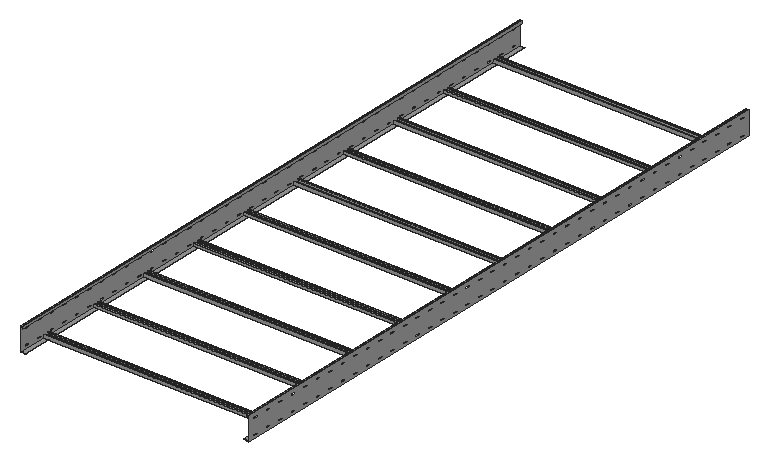
Revit family "Kabelleiter SCLS 11100 3 FTSO", category Generic Models, Revit 2017 (continued)
Dimensions and locks
  locked: Extrusion 11 sketch curve to Extrusion 11 sketch curve at 30
  locked: Extrusion 11 sketch curve to Extrusion 11 sketch curve at 17.014
  locked: Extrusion 11 sketch curve to Extrusion 11 sketch curve at 2  (x2)
  locked: Extrusion 11 sketch curve to Extrusion 11 sketch curve at 26
  locked: Extrusion 1 to plane 47 at 150
  locked: Extrusion 12 sketch curve to Extrusion 12 sketch curve at 9
  locked: plane 48 to Extrusion 12 sketch curve at 4.5
  locked: Extrusion 12 sketch curve to Extrusion 12 sketch curve at 27.984
  locked: plane 49 to Extrusion 12 sketch curve at 14
  locked: Extrusion 13 sketch curve to Extrusion 13 sketch curve at 9
  locked: plane 50 to Extrusion 13 sketch curve at 4.5
  locked: Extrusion 13 sketch curve to Extrusion 13 sketch curve at 27.984
  locked: plane 51 to Extrusion 13 sketch curve at 14
  locked: Extrusion 14 sketch curve to Extrusion 14 sketch curve at 9
  locked: plane 52 to Extrusion 14 sketch curve at 4.5
  locked: Extrusion 14 sketch curve to Extrusion 14 sketch curve at 27.984
  locked: plane 53 to Extrusion 14 sketch curve at 14
  locked: Extrusion 15 sketch curve to Extrusion 15 sketch curve at 9
  locked: plane 54 to Extrusion 15 sketch curve at 4.5
  locked: Extrusion 15 sketch curve to Extrusion 15 sketch curve at 27.984
  locked: plane 55 to Extrusion 15 sketch curve at 14
  equal spacing: group 1, group 2, group 3, group 4, group 5, group 6, group 7, group 8, group 9, group 10, group 11, group 12, group 13, group 14, group 15, group 16, group 17, group 18, group 19, group 20, group 21, group 22, group 23, group 24, group 25, group 26, group 27, group 28, group 29, group 30, group 31, group 32, group 33, group 34, group 35, group 36, group 37, group 38, group 39, group 40  (x3)
  locked: Extrusion 16 sketch curve to Extrusion 16 sketch curve at 9
  locked: plane 56 to Extrusion 16 sketch curve at 4.5
  locked: Extrusion 16 sketch curve to Extrusion 16 sketch curve at 27.984
  locked: plane 57 to Extrusion 16 sketch curve at 14
  locked: Extrusion 17 sketch curve to Extrusion 17 sketch curve at 9
  locked: plane 58 to Extrusion 17 sketch curve at 4.5
  locked: Extrusion 17 sketch curve to Extrusion 17 sketch curve at 27.984
  locked: plane 59 to Extrusion 17 sketch curve at 14
  locked: Extrusion 18 sketch curve to Extrusion 18 sketch curve at 9
  locked: plane 60 to Extrusion 18 sketch curve at 4.5
  locked: Extrusion 18 sketch curve to Extrusion 18 sketch curve at 27.984
  locked: plane 61 to Extrusion 18 sketch curve at 14
  locked: Extrusion 19 sketch curve to Extrusion 19 sketch curve at 9
  locked: plane 62 to Extrusion 19 sketch curve at 4.5
  locked: Extrusion 19 sketch curve to Extrusion 19 sketch curve at 27.984
  locked: plane 63 to Extrusion 19 sketch curve at 14
  locked: Extrusion 20 sketch curve to Extrusion 20 sketch curve at 9
  locked: plane 64 to Extrusion 20 sketch curve at 4.5
  locked: Extrusion 20 sketch curve to Extrusion 20 sketch curve at 27.984
  locked: plane 65 to Extrusion 20 sketch curve at 14
  locked: Extrusion 21 sketch curve to Extrusion 21 sketch curve at 9
  locked: plane 66 to Extrusion 21 sketch curve at 4.5
  locked: Extrusion 21 sketch curve to Extrusion 21 sketch curve at 27.984
  locked: plane 67 to Extrusion 21 sketch curve at 14
  locked: Extrusion 22 sketch curve to Extrusion 22 sketch curve at 9
  locked: plane 68 to Extrusion 22 sketch curve at 4.5
  locked: Extrusion 22 sketch curve to Extrusion 22 sketch curve at 27.984
  locked: plane 69 to Extrusion 22 sketch curve at 14
  locked: Extrusion 23 sketch curve to Extrusion 23 sketch curve at 9
  locked: plane 70 to Extrusion 23 sketch curve at 4.5
  locked: Extrusion 23 sketch curve to Extrusion 23 sketch curve at 27.984
  locked: plane 71 to Extrusion 23 sketch curve at 14
  locked: Extrusion 24 sketch curve to Extrusion 24 sketch curve at 9
  locked: plane 72 to Extrusion 24 sketch curve at 4.5
  locked: Extrusion 24 sketch curve to Extrusion 24 sketch curve at 27.984
  locked: plane 73 to Extrusion 24 sketch curve at 14
  locked: Extrusion 25 sketch curve to Extrusion 25 sketch curve at 9
  locked: plane 74 to Extrusion 25 sketch curve at 4.5
  locked: Extrusion 25 sketch curve to Extrusion 25 sketch curve at 27.984
  locked: plane 75 to Extrusion 25 sketch curve at 14
  locked: Extrusion 26 sketch curve to Extrusion 26 sketch curve at 9
  locked: plane 76 to Extrusion 26 sketch curve at 4.5
  locked: Extrusion 26 sketch curve to Extrusion 26 sketch curve at 27.984
  locked: plane 77 to Extrusion 26 sketch curve at 14
  locked: Extrusion 27 sketch curve to Extrusion 27 sketch curve at 9
  locked: plane 78 to Extrusion 27 sketch curve at 4.5
  locked: Extrusion 27 sketch curve to Extrusion 27 sketch curve at 27.984
  locked: plane 79 to Extrusion 27 sketch curve at 14
  locked: Extrusion 28 sketch curve to Extrusion 28 sketch curve at 9
  locked: plane 80 to Extrusion 28 sketch curve at 4.5
  locked: Extrusion 28 sketch curve to Extrusion 28 sketch curve at 27.984
  locked: plane 81 to Extrusion 28 sketch curve at 14
  locked: Extrusion 29 sketch curve to Extrusion 29 sketch curve at 9
  locked: plane 82 to Extrusion 29 sketch curve at 4.5
  locked: Extrusion 29 sketch curve to Extrusion 29 sketch curve at 27.984
  locked: plane 83 to Extrusion 29 sketch curve at 14
  locked: Extrusion 30 sketch curve to Extrusion 30 sketch curve at 9
  locked: plane 84 to Extrusion 30 sketch curve at 4.5
  locked: Extrusion 30 sketch curve to Extrusion 30 sketch curve at 27.984
  locked: plane 85 to Extrusion 30 sketch curve at 14
  locked: Extrusion 31 sketch curve to Extrusion 31 sketch curve at 9
  locked: plane 86 to Extrusion 31 sketch curve at 4.5
  locked: Extrusion 31 sketch curve to Extrusion 31 sketch curve at 27.984
  locked: plane 87 to Extrusion 31 sketch curve at 14
  locked: Extrusion 32 sketch curve to Extrusion 32 sketch curve at 9
  locked: plane 88 to Extrusion 32 sketch curve at 4.5
  locked: Extrusion 32 sketch curve to Extrusion 32 sketch curve at 27.984
  locked: plane 89 to Extrusion 32 sketch curve at 14
  locked: Extrusion 33 sketch curve to Extrusion 33 sketch curve at 9
  locked: plane 90 to Extrusion 33 sketch curve at 4.5
  locked: Extrusion 33 sketch curve to Extrusion 33 sketch curve at 27.984
  locked: plane 91 to Extrusion 33 sketch curve at 14
  locked: Extrusion 34 sketch curve to Extrusion 34 sketch curve at 9
  locked: plane 92 to Extrusion 34 sketch curve at 4.5
  locked: Extrusion 34 sketch curve to Extrusion 34 sketch curve at 27.984
  locked: plane 93 to Extrusion 34 sketch curve at 14
  locked: Extrusion 35 sketch curve to Extrusion 35 sketch curve at 9
  locked: plane 94 to Extrusion 35 sketch curve at 4.5
  locked: Extrusion 35 sketch curve to Extrusion 35 sketch curve at 27.984
  locked: plane 95 to Extrusion 35 sketch curve at 14
  locked: Extrusion 36 sketch curve to Extrusion 36 sketch curve at 9
  locked: plane 96 to Extrusion 36 sketch curve at 4.5
  locked: Extrusion 36 sketch curve to Extrusion 36 sketch curve at 27.984
  locked: plane 97 to Extrusion 36 sketch curve at 14
  locked: Extrusion 37 sketch curve to Extrusion 37 sketch curve at 9
  locked: plane 98 to Extrusion 37 sketch curve at 4.5
  locked: Extrusion 37 sketch curve to Extrusion 37 sketch curve at 27.984
  locked: plane 99 to Extrusion 37 sketch curve at 14
  locked: Extrusion 38 sketch curve to Extrusion 38 sketch curve at 9
  locked: plane 100 to Extrusion 38 sketch curve at 4.5
  locked: Extrusion 38 sketch curve to Extrusion 38 sketch curve at 27.984
  locked: plane 101 to Extrusion 38 sketch curve at 14
  locked: Extrusion 39 sketch curve to Extrusion 39 sketch curve at 9
  locked: plane 102 to Extrusion 39 sketch curve at 4.5
  locked: Extrusion 39 sketch curve to Extrusion 39 sketch curve at 27.984
  locked: plane 103 to Extrusion 39 sketch curve at 14
  locked: Extrusion 40 sketch curve to Extrusion 40 sketch curve at 9
  locked: plane 104 to Extrusion 40 sketch curve at 4.5
  locked: Extrusion 40 sketch curve to Extrusion 40 sketch curve at 27.984
  locked: plane 105 to Extrusion 40 sketch curve at 14
  locked: Extrusion 41 sketch curve to Extrusion 41 sketch curve at 9
  locked: plane 106 to Extrusion 41 sketch curve at 4.5
  locked: Extrusion 41 sketch curve to Extrusion 41 sketch curve at 27.984
  locked: plane 107 to Extrusion 41 sketch curve at 14
  locked: Extrusion 42 sketch curve to Extrusion 42 sketch curve at 9
  locked: plane 108 to Extrusion 42 sketch curve at 4.5
  locked: Extrusion 42 sketch curve to Extrusion 42 sketch curve at 27.984
  locked: plane 109 to Extrusion 42 sketch curve at 14
  locked: Extrusion 43 sketch curve to Extrusion 43 sketch curve at 9
  locked: plane 110 to Extrusion 43 sketch curve at 4.5
  locked: Extrusion 43 sketch curve to Extrusion 43 sketch curve at 27.984
  locked: plane 111 to Extrusion 43 sketch curve at 14
  locked: Extrusion 44 sketch curve to Extrusion 44 sketch curve at 9
  locked: plane 112 to Extrusion 44 sketch curve at 4.5
  locked: Extrusion 44 sketch curve to Extrusion 44 sketch curve at 27.984
  locked: plane 113 to Extrusion 44 sketch curve at 14
  locked: Extrusion 45 sketch curve to Extrusion 45 sketch curve at 9
  locked: plane 114 to Extrusion 45 sketch curve at 4.5
  locked: Extrusion 45 sketch curve to Extrusion 45 sketch curve at 27.984
  locked: plane 115 to Extrusion 45 sketch curve at 14
  locked: Extrusion 46 sketch curve to Extrusion 46 sketch curve at 9
  locked: plane 116 to Extrusion 46 sketch curve at 4.5
  locked: Extrusion 46 sketch curve to Extrusion 46 sketch curve at 27.984
  locked: plane 117 to Extrusion 46 sketch curve at 14
  locked: Extrusion 47 sketch curve to Extrusion 47 sketch curve at 9
  locked: plane 118 to Extrusion 47 sketch curve at 4.5
  locked: Extrusion 47 sketch curve to Extrusion 47 sketch curve at 27.984
  locked: plane 119 to Extrusion 47 sketch curve at 14
  locked: Extrusion 48 sketch curve to Extrusion 48 sketch curve at 9
  locked: plane 120 to Extrusion 48 sketch curve at 4.5
  locked: Extrusion 48 sketch curve to Extrusion 48 sketch curve at 27.984
  locked: plane 121 to Extrusion 48 sketch curve at 14
  locked: Extrusion 49 sketch curve to Extrusion 49 sketch curve at 9
  locked: plane 122 to Extrusion 49 sketch curve at 4.5
  locked: Extrusion 49 sketch curve to Extrusion 49 sketch curve at 27.984
  locked: plane 123 to Extrusion 49 sketch curve at 14
  locked: Extrusion 50 sketch curve to Extrusion 50 sketch curve at 9
  locked: plane 124 to Extrusion 50 sketch curve at 4.5
  locked: Extrusion 50 sketch curve to Extrusion 50 sketch curve at 27.984
  locked: plane 125 to Extrusion 50 sketch curve at 14
  locked: Extrusion 51 sketch curve to Extrusion 51 sketch curve at 9
  locked: plane 126 to Extrusion 51 sketch curve at 4.5
  locked: Extrusion 51 sketch curve to Extrusion 51 sketch curve at 27.984
  locked: plane 127 to Extrusion 51 sketch curve at 14
  locked: Extrusion 52 sketch curve to Extrusion 52 sketch curve at 9
  locked: plane 128 to Extrusion 52 sketch curve at 4.5
  locked: Extrusion 52 sketch curve to Extrusion 52 sketch curve at 27.984
  locked: plane 129 to Extrusion 52 sketch curve at 14
  locked: Extrusion 53 sketch curve to Extrusion 53 sketch curve at 9
  locked: plane 130 to Extrusion 53 sketch curve at 4.5
  locked: Extrusion 53 sketch curve to Extrusion 53 sketch curve at 27.984
  locked: plane 131 to Extrusion 53 sketch curve at 14
  locked: Extrusion 54 sketch curve to Extrusion 54 sketch curve at 9
  locked: plane 132 to Extrusion 54 sketch curve at 4.5
  locked: Extrusion 54 sketch curve to Extrusion 54 sketch curve at 27.984
  locked: plane 133 to Extrusion 54 sketch curve at 14
  locked: Extrusion 55 sketch curve to Extrusion 55 sketch curve at 9
  locked: plane 134 to Extrusion 55 sketch curve at 4.5
  locked: Extrusion 55 sketch curve to Extrusion 55 sketch curve at 27.984
  locked: plane 135 to Extrusion 55 sketch curve at 14
  locked: Extrusion 56 sketch curve to Extrusion 56 sketch curve at 9
  locked: plane 136 to Extrusion 56 sketch curve at 4.5
  locked: Extrusion 56 sketch curve to Extrusion 56 sketch curve at 27.984
  locked: plane 137 to Extrusion 56 sketch curve at 14
  locked: Extrusion 57 sketch curve to Extrusion 57 sketch curve at 9
  locked: plane 138 to Extrusion 57 sketch curve at 4.5
  locked: Extrusion 57 sketch curve to Extrusion 57 sketch curve at 27.984
  locked: plane 139 to Extrusion 57 sketch curve at 14
  locked: Extrusion 58 sketch curve to Extrusion 58 sketch curve at 9
  locked: plane 140 to Extrusion 58 sketch curve at 4.5
  locked: Extrusion 58 sketch curve to Extrusion 58 sketch curve at 27.984
  locked: plane 141 to Extrusion 58 sketch curve at 14
  locked: Extrusion 59 sketch curve to Extrusion 59 sketch curve at 9
  locked: plane 142 to Extrusion 59 sketch curve at 4.5
  locked: Extrusion 59 sketch curve to Extrusion 59 sketch curve at 27.984
  locked: plane 143 to Extrusion 59 sketch curve at 14
  locked: Extrusion 60 sketch curve to Extrusion 60 sketch curve at 9
  locked: plane 144 to Extrusion 60 sketch curve at 4.5
  locked: Extrusion 60 sketch curve to Extrusion 60 sketch curve at 27.984
  locked: plane 145 to Extrusion 60 sketch curve at 14
  locked: Extrusion 61 sketch curve to Extrusion 61 sketch curve at 9
  locked: plane 146 to Extrusion 61 sketch curve at 4.5
  locked: Extrusion 61 sketch curve to Extrusion 61 sketch curve at 27.984
  locked: plane 147 to Extrusion 61 sketch curve at 14
  locked: Extrusion 62 sketch curve to Extrusion 62 sketch curve at 9
  locked: plane 148 to Extrusion 62 sketch curve at 4.5
  locked: Extrusion 62 sketch curve to Extrusion 62 sketch curve at 27.984
  locked: plane 149 to Extrusion 62 sketch curve at 14
  locked: Extrusion 63 sketch curve to Extrusion 63 sketch curve at 9
  locked: plane 150 to Extrusion 63 sketch curve at 4.5
  locked: Extrusion 63 sketch curve to Extrusion 63 sketch curve at 27.984
  locked: plane 151 to Extrusion 63 sketch curve at 14
  locked: Extrusion 64 sketch curve to Extrusion 64 sketch curve at 9
  locked: plane 152 to Extrusion 64 sketch curve at 4.5
  locked: Extrusion 64 sketch curve to Extrusion 64 sketch curve at 27.984
  locked: plane 153 to Extrusion 64 sketch curve at 14
  locked: Extrusion 65 sketch curve to Extrusion 65 sketch curve at 9
  locked: plane 154 to Extrusion 65 sketch curve at 4.5
  locked: Extrusion 65 sketch curve to Extrusion 65 sketch curve at 27.984
  locked: plane 155 to Extrusion 65 sketch curve at 14
  locked: Extrusion 66 sketch curve to Extrusion 66 sketch curve at 9
  locked: plane 156 to Extrusion 66 sketch curve at 4.5
  locked: Extrusion 66 sketch curve to Extrusion 66 sketch curve at 27.984
  locked: plane 157 to Extrusion 66 sketch curve at 14
  locked: Extrusion 67 sketch curve to Extrusion 67 sketch curve at 9
  locked: plane 158 to Extrusion 67 sketch curve at 4.5
  locked: Extrusion 67 sketch curve to Extrusion 67 sketch curve at 27.984
  locked: plane 159 to Extrusion 67 sketch curve at 14
  locked: Extrusion 68 sketch curve to Extrusion 68 sketch curve at 9
  locked: plane 160 to Extrusion 68 sketch curve at 4.5
  locked: Extrusion 68 sketch curve to Extrusion 68 sketch curve at 27.984
  locked: plane 161 to Extrusion 68 sketch curve at 14
  locked: Extrusion 69 sketch curve to Extrusion 69 sketch curve at 9
  locked: plane 162 to Extrusion 69 sketch curve at 4.5
  locked: Extrusion 69 sketch curve to Extrusion 69 sketch curve at 27.984
  locked: plane 163 to Extrusion 69 sketch curve at 14
  locked: Extrusion 70 sketch curve to Extrusion 70 sketch curve at 9
  locked: plane 164 to Extrusion 70 sketch curve at 4.5
  locked: Extrusion 70 sketch curve to Extrusion 70 sketch curve at 27.984
  locked: plane 165 to Extrusion 70 sketch curve at 14
  locked: Extrusion 71 sketch curve to Extrusion 71 sketch curve at 9
  locked: plane 166 to Extrusion 71 sketch curve at 4.5
  locked: Extrusion 71 sketch curve to Extrusion 71 sketch curve at 27.984
  locked: plane 167 to Extrusion 71 sketch curve at 14
  locked: Extrusion 72 sketch curve to Extrusion 72 sketch curve at 9
  locked: plane 168 to Extrusion 72 sketch curve at 4.5
  locked: Extrusion 72 sketch curve to Extrusion 72 sketch curve at 27.984
  locked: plane 169 to Extrusion 72 sketch curve at 14
  locked: Extrusion 73 sketch curve to Extrusion 73 sketch curve at 9
  locked: plane 170 to Extrusion 73 sketch curve at 4.5
  locked: Extrusion 73 sketch curve to Extrusion 73 sketch curve at 27.984
  locked: plane 171 to Extrusion 73 sketch curve at 14
  locked: Extrusion 74 sketch curve to Extrusion 74 sketch curve at 9
  locked: plane 172 to Extrusion 74 sketch curve at 4.5
  locked: Extrusion 74 sketch curve to Extrusion 74 sketch curve at 27.984
  locked: plane 173 to Extrusion 74 sketch curve at 14
  locked: Extrusion 75 sketch curve to Extrusion 75 sketch curve at 9
  locked: plane 174 to Extrusion 75 sketch curve at 4.5
  locked: Extrusion 75 sketch curve to Extrusion 75 sketch curve at 27.984
  locked: plane 175 to Extrusion 75 sketch curve at 14
  locked: Extrusion 76 sketch curve to Extrusion 76 sketch curve at 9
  locked: plane 176 to Extrusion 76 sketch curve at 4.5
  locked: Extrusion 76 sketch curve to Extrusion 76 sketch curve at 27.984
  locked: plane 177 to Extrusion 76 sketch curve at 14
  locked: Extrusion 77 sketch curve to Extrusion 77 sketch curve at 9
  locked: plane 178 to Extrusion 77 sketch curve at 4.5
  locked: Extrusion 77 sketch curve to Extrusion 77 sketch curve at 27.984
  locked: plane 179 to Extrusion 77 sketch curve at 14
  locked: Extrusion 78 sketch curve to Extrusion 78 sketch curve at 9
  locked: plane 180 to Extrusion 78 sketch curve at 4.5
  locked: Extrusion 78 sketch curve to Extrusion 78 sketch curve at 27.984
  locked: plane 181 to Extrusion 78 sketch curve at 14
  locked: Extrusion 79 sketch curve to Extrusion 79 sketch curve at 9
  locked: plane 182 to Extrusion 79 sketch curve at 4.5
  locked: Extrusion 79 sketch curve to Extrusion 79 sketch curve at 27.984
  locked: plane 183 to Extrusion 79 sketch curve at 14
  locked: Extrusion 80 sketch curve to Extrusion 80 sketch curve at 9
  locked: plane 184 to Extrusion 80 sketch curve at 4.5
  locked: Extrusion 80 sketch curve to Extrusion 80 sketch curve at 27.984
  locked: plane 185 to Extrusion 80 sketch curve at 14
  locked: Extrusion 81 sketch curve to Extrusion 81 sketch curve at 9
  locked: plane 186 to Extrusion 81 sketch curve at 4.5
  locked: Extrusion 81 sketch curve to Extrusion 81 sketch curve at 27.984
  locked: plane 187 to Extrusion 81 sketch curve at 14
  locked: Extrusion 82 sketch curve to Extrusion 82 sketch curve at 9
  locked: plane 188 to Extrusion 82 sketch curve at 4.5
  locked: Extrusion 82 sketch curve to Extrusion 82 sketch curve at 27.984
  locked: plane 189 to Extrusion 82 sketch curve at 14
  locked: Extrusion 83 sketch curve to Extrusion 83 sketch curve at 9
  locked: plane 190 to Extrusion 83 sketch curve at 4.5
  locked: Extrusion 83 sketch curve to Extrusion 83 sketch curve at 27.984
  locked: plane 191 to Extrusion 83 sketch curve at 14
  locked: Extrusion 84 sketch curve to Extrusion 84 sketch curve at 9
  locked: plane 192 to Extrusion 84 sketch curve at 4.5
  locked: Extrusion 84 sketch curve to Extrusion 84 sketch curve at 27.984
  locked: plane 193 to Extrusion 84 sketch curve at 14
  locked: Extrusion 85 sketch curve to Extrusion 85 sketch curve at 9
  locked: plane 194 to Extrusion 85 sketch curve at 4.5
  locked: Extrusion 85 sketch curve to Extrusion 85 sketch curve at 27.984
  locked: plane 195 to Extrusion 85 sketch curve at 14
  locked: Extrusion 86 sketch curve to Extrusion 86 sketch curve at 9
  locked: plane 196 to Extrusion 86 sketch curve at 4.5
  locked: Extrusion 86 sketch curve to Extrusion 86 sketch curve at 27.984
  locked: plane 197 to Extrusion 86 sketch curve at 14
  locked: Extrusion 87 sketch curve to Extrusion 87 sketch curve at 9
  locked: plane 198 to Extrusion 87 sketch curve at 4.5
  locked: Extrusion 87 sketch curve to Extrusion 87 sketch curve at 27.984
  locked: plane 199 to Extrusion 87 sketch curve at 14
  locked: Extrusion 88 sketch curve to Extrusion 88 sketch curve at 9
  locked: plane 200 to Extrusion 88 sketch curve at 4.5
  locked: Extrusion 88 sketch curve to Extrusion 88 sketch curve at 27.984
  locked: plane 201 to Extrusion 88 sketch curve at 14
  locked: Extrusion 89 sketch curve to Extrusion 89 sketch curve at 9
  locked: plane 202 to Extrusion 89 sketch curve at 4.5
  locked: Extrusion 89 sketch curve to Extrusion 89 sketch curve at 27.984
  locked: plane 203 to Extrusion 89 sketch curve at 14
  locked: Extrusion 90 sketch curve to Extrusion 90 sketch curve at 9
  locked: plane 204 to Extrusion 90 sketch curve at 4.5
  locked: Extrusion 90 sketch curve to Extrusion 90 sketch curve at 27.984
  locked: plane 205 to Extrusion 90 sketch curve at 14
  locked: Extrusion 91 sketch curve to Extrusion 91 sketch curve at 9
  locked: plane 206 to Extrusion 91 sketch curve at 4.5
  locked: Extrusion 91 sketch curve to Extrusion 91 sketch curve at 27.984
  locked: plane 207 to Extrusion 91 sketch curve at 14
  locked: Extrusion 92 sketch curve to Extrusion 92 sketch curve at 9
  locked: plane 209 to Extrusion 92 sketch curve at 4.5
  locked: Extrusion 92 sketch curve to Extrusion 92 sketch curve at 28
  locked: Extrusion 92 sketch curve to plane 208 at 14
  locked: Extrusion 93 sketch curve to Extrusion 93 sketch curve at 9
  locked: plane 211 to Extrusion 93 sketch curve at 4.5
  locked: Extrusion 93 sketch curve to Extrusion 93 sketch curve at 28
  locked: Extrusion 93 sketch curve to plane 210 at 14
  locked: Extrusion 94 sketch curve to Extrusion 94 sketch curve at 9
  locked: plane 213 to Extrusion 94 sketch curve at 4.5
  locked: Extrusion 94 sketch curve to Extrusion 94 sketch curve at 28
  locked: Extrusion 94 sketch curve to plane 212 at 14
  locked: Extrusion 95 sketch curve to Extrusion 95 sketch curve at 9
  locked: plane 215 to Extrusion 95 sketch curve at 4.5
  locked: Extrusion 95 sketch curve to Extrusion 95 sketch curve at 28
  locked: Extrusion 95 sketch curve to plane 214 at 14
  equal spacing: group 41, group 42, group 43, group 44, group 45, group 46, group 47, group 48, group 49, group 50, group 51, group 52, group 53, group 54, group 55, group 56, group 57, group 58, group 59, group 60, group 61, group 62, group 63, group 64, group 65, group 66, group 67, group 68, group 69, group 70, group 71, group 72, group 73, group 74, group 75, group 76, group 77, group 78, group 79, group 80  (x3)
  locked: Extrusion 96 sketch curve to Extrusion 96 sketch curve at 9
  locked: plane 217 to Extrusion 96 sketch curve at 4.5
  locked: Extrusion 96 sketch curve to Extrusion 96 sketch curve at 28
  locked: Extrusion 96 sketch curve to plane 216 at 14
  locked: Extrusion 97 sketch curve to Extrusion 97 sketch curve at 9
  locked: plane 219 to Extrusion 97 sketch curve at 4.5
  locked: Extrusion 97 sketch curve to Extrusion 97 sketch curve at 28
  locked: Extrusion 97 sketch curve to plane 218 at 14
  locked: Extrusion 98 sketch curve to Extrusion 98 sketch curve at 9
  locked: plane 221 to Extrusion 98 sketch curve at 4.5
  locked: Extrusion 98 sketch curve to Extrusion 98 sketch curve at 28
  locked: Extrusion 98 sketch curve to plane 220 at 14
  locked: Extrusion 99 sketch curve to Extrusion 99 sketch curve at 9
  locked: plane 223 to Extrusion 99 sketch curve at 4.5
  locked: Extrusion 99 sketch curve to Extrusion 99 sketch curve at 28
  locked: Extrusion 99 sketch curve to plane 222 at 14
  locked: Extrusion 100 sketch curve to Extrusion 100 sketch curve at 9
  locked: plane 225 to Extrusion 100 sketch curve at 4.5
  locked: Extrusion 100 sketch curve to Extrusion 100 sketch curve at 28
  locked: Extrusion 100 sketch curve to plane 224 at 14
  locked: Extrusion 101 sketch curve to Extrusion 101 sketch curve at 9
  locked: plane 227 to Extrusion 101 sketch curve at 4.5
  locked: Extrusion 101 sketch curve to Extrusion 101 sketch curve at 28
  locked: Extrusion 101 sketch curve to plane 226 at 14
  locked: Extrusion 102 sketch curve to Extrusion 102 sketch curve at 9
  locked: plane 229 to Extrusion 102 sketch curve at 4.5
  locked: Extrusion 102 sketch curve to Extrusion 102 sketch curve at 28
  locked: Extrusion 102 sketch curve to plane 228 at 14
  locked: Extrusion 103 sketch curve to Extrusion 103 sketch curve at 9
  locked: plane 231 to Extrusion 103 sketch curve at 4.5
  locked: Extrusion 103 sketch curve to Extrusion 103 sketch curve at 28
  locked: Extrusion 103 sketch curve to plane 230 at 14
  locked: Extrusion 104 sketch curve to Extrusion 104 sketch curve at 9
  locked: plane 233 to Extrusion 104 sketch curve at 4.5
  locked: Extrusion 104 sketch curve to Extrusion 104 sketch curve at 28
  locked: Extrusion 104 sketch curve to plane 232 at 14
  locked: Extrusion 105 sketch curve to Extrusion 105 sketch curve at 9
  locked: plane 235 to Extrusion 105 sketch curve at 4.5
  locked: Extrusion 105 sketch curve to Extrusion 105 sketch curve at 28
  locked: Extrusion 105 sketch curve to plane 234 at 14
  locked: Extrusion 106 sketch curve to Extrusion 106 sketch curve at 9
  locked: plane 237 to Extrusion 106 sketch curve at 4.5
  locked: Extrusion 106 sketch curve to Extrusion 106 sketch curve at 28
  locked: Extrusion 106 sketch curve to plane 236 at 14
  locked: Extrusion 107 sketch curve to Extrusion 107 sketch curve at 9
  locked: plane 239 to Extrusion 107 sketch curve at 4.5
  locked: Extrusion 107 sketch curve to Extrusion 107 sketch curve at 28
  locked: Extrusion 107 sketch curve to plane 238 at 14
  locked: Extrusion 108 sketch curve to Extrusion 108 sketch curve at 9
  locked: plane 241 to Extrusion 108 sketch curve at 4.5
  locked: Extrusion 108 sketch curve to Extrusion 108 sketch curve at 28
  locked: Extrusion 108 sketch curve to plane 240 at 14
  locked: Extrusion 109 sketch curve to Extrusion 109 sketch curve at 9
  locked: plane 243 to Extrusion 109 sketch curve at 4.5
  locked: Extrusion 109 sketch curve to Extrusion 109 sketch curve at 28
  locked: Extrusion 109 sketch curve to plane 242 at 14
  locked: Extrusion 110 sketch curve to Extrusion 110 sketch curve at 9
  locked: plane 245 to Extrusion 110 sketch curve at 4.5
  locked: Extrusion 110 sketch curve to Extrusion 110 sketch curve at 28
  locked: Extrusion 110 sketch curve to plane 244 at 14
  locked: Extrusion 111 sketch curve to Extrusion 111 sketch curve at 9
  locked: plane 247 to Extrusion 111 sketch curve at 4.5
  locked: Extrusion 111 sketch curve to Extrusion 111 sketch curve at 28
  locked: Extrusion 111 sketch curve to plane 246 at 14
  locked: Extrusion 112 sketch curve to Extrusion 112 sketch curve at 9
  locked: plane 249 to Extrusion 112 sketch curve at 4.5
  locked: Extrusion 112 sketch curve to Extrusion 112 sketch curve at 28
  locked: Extrusion 112 sketch curve to plane 248 at 14
  locked: Extrusion 113 sketch curve to Extrusion 113 sketch curve at 9
  locked: plane 251 to Extrusion 113 sketch curve at 4.5
  locked: Extrusion 113 sketch curve to Extrusion 113 sketch curve at 28
  locked: Extrusion 113 sketch curve to plane 250 at 14
  locked: Extrusion 114 sketch curve to Extrusion 114 sketch curve at 9
  locked: plane 253 to Extrusion 114 sketch curve at 4.5
  locked: Extrusion 114 sketch curve to Extrusion 114 sketch curve at 28
  locked: Extrusion 114 sketch curve to plane 252 at 14
  locked: Extrusion 115 sketch curve to Extrusion 115 sketch curve at 9
  locked: plane 255 to Extrusion 115 sketch curve at 4.5
  locked: Extrusion 115 sketch curve to Extrusion 115 sketch curve at 28
  locked: Extrusion 115 sketch curve to plane 254 at 14
  locked: Extrusion 116 sketch curve to Extrusion 116 sketch curve at 9
  locked: plane 257 to Extrusion 116 sketch curve at 4.5
  locked: Extrusion 116 sketch curve to Extrusion 116 sketch curve at 28
  locked: Extrusion 116 sketch curve to plane 256 at 14
  locked: Extrusion 117 sketch curve to Extrusion 117 sketch curve at 9
  locked: plane 259 to Extrusion 117 sketch curve at 4.5
  locked: Extrusion 117 sketch curve to Extrusion 117 sketch curve at 28
  locked: Extrusion 117 sketch curve to plane 258 at 14
  locked: Extrusion 118 sketch curve to Extrusion 118 sketch curve at 9
  locked: plane 261 to Extrusion 118 sketch curve at 4.5
  locked: Extrusion 118 sketch curve to Extrusion 118 sketch curve at 28
  locked: Extrusion 118 sketch curve to plane 260 at 14
  locked: Extrusion 119 sketch curve to Extrusion 119 sketch curve at 9
  locked: plane 263 to Extrusion 119 sketch curve at 4.5
  locked: Extrusion 119 sketch curve to Extrusion 119 sketch curve at 28
  locked: Extrusion 119 sketch curve to plane 262 at 14
  locked: Extrusion 120 sketch curve to Extrusion 120 sketch curve at 9
  locked: plane 265 to Extrusion 120 sketch curve at 4.5
  locked: Extrusion 120 sketch curve to Extrusion 120 sketch curve at 28
  locked: Extrusion 120 sketch curve to plane 264 at 14
  locked: Extrusion 121 sketch curve to Extrusion 121 sketch curve at 9
  locked: plane 267 to Extrusion 121 sketch curve at 4.5
  locked: Extrusion 121 sketch curve to Extrusion 121 sketch curve at 28
  locked: Extrusion 121 sketch curve to plane 266 at 14
  locked: Extrusion 122 sketch curve to Extrusion 122 sketch curve at 9
  locked: plane 269 to Extrusion 122 sketch curve at 4.5
  locked: Extrusion 122 sketch curve to Extrusion 122 sketch curve at 28
  locked: Extrusion 122 sketch curve to plane 268 at 14
  locked: Extrusion 123 sketch curve to Extrusion 123 sketch curve at 9
  locked: plane 271 to Extrusion 123 sketch curve at 4.5
  locked: Extrusion 123 sketch curve to Extrusion 123 sketch curve at 28
  locked: Extrusion 123 sketch curve to plane 270 at 14
  locked: Extrusion 124 sketch curve to Extrusion 124 sketch curve at 9
  locked: plane 273 to Extrusion 124 sketch curve at 4.5
  locked: Extrusion 124 sketch curve to Extrusion 124 sketch curve at 28
  locked: Extrusion 124 sketch curve to plane 272 at 14
  locked: Extrusion 125 sketch curve to Extrusion 125 sketch curve at 9
  locked: plane 275 to Extrusion 125 sketch curve at 4.5
  locked: Extrusion 125 sketch curve to Extrusion 125 sketch curve at 28
  locked: Extrusion 125 sketch curve to plane 274 at 14
  locked: Extrusion 126 sketch curve to Extrusion 126 sketch curve at 9
  locked: plane 277 to Extrusion 126 sketch curve at 4.5
  locked: Extrusion 126 sketch curve to Extrusion 126 sketch curve at 28
  locked: Extrusion 126 sketch curve to plane 276 at 14
  locked: Extrusion 127 sketch curve to Extrusion 127 sketch curve at 9
  locked: plane 279 to Extrusion 127 sketch curve at 4.5
  locked: Extrusion 127 sketch curve to Extrusion 127 sketch curve at 28
  locked: Extrusion 127 sketch curve to plane 278 at 14
  locked: Extrusion 128 sketch curve to Extrusion 128 sketch curve at 9
  locked: plane 281 to Extrusion 128 sketch curve at 4.5
  locked: Extrusion 128 sketch curve to Extrusion 128 sketch curve at 28
  locked: Extrusion 128 sketch curve to plane 280 at 14
  locked: Extrusion 129 sketch curve to Extrusion 129 sketch curve at 9
  locked: plane 283 to Extrusion 129 sketch curve at 4.5
  locked: Extrusion 129 sketch curve to Extrusion 129 sketch curve at 28
  locked: Extrusion 129 sketch curve to plane 282 at 14
  locked: Extrusion 130 sketch curve to Extrusion 130 sketch curve at 9
  locked: plane 285 to Extrusion 130 sketch curve at 4.5
  locked: Extrusion 130 sketch curve to Extrusion 130 sketch curve at 28
  locked: Extrusion 130 sketch curve to plane 284 at 14
  locked: Extrusion 131 sketch curve to Extrusion 131 sketch curve at 9
  locked: plane 287 to Extrusion 131 sketch curve at 4.5
  locked: Extrusion 131 sketch curve to Extrusion 131 sketch curve at 28
  locked: Extrusion 131 sketch curve to plane 286 at 14
  locked: Extrusion 132 sketch curve to Extrusion 132 sketch curve at 9
  locked: plane 289 to Extrusion 132 sketch curve at 4.5
  locked: Extrusion 132 sketch curve to Extrusion 132 sketch curve at 28
  locked: Extrusion 132 sketch curve to plane 288 at 14
  locked: Extrusion 133 sketch curve to Extrusion 133 sketch curve at 9
  locked: plane 291 to Extrusion 133 sketch curve at 4.5
  locked: Extrusion 133 sketch curve to Extrusion 133 sketch curve at 28
  locked: Extrusion 133 sketch curve to plane 290 at 14
  locked: Extrusion 134 sketch curve to Extrusion 134 sketch curve at 9
  locked: plane 293 to Extrusion 134 sketch curve at 4.5
  locked: Extrusion 134 sketch curve to Extrusion 134 sketch curve at 28
  locked: Extrusion 134 sketch curve to plane 292 at 14
  locked: Extrusion 135 sketch curve to Extrusion 135 sketch curve at 9
  locked: plane 295 to Extrusion 135 sketch curve at 4.5
  locked: Extrusion 135 sketch curve to Extrusion 135 sketch curve at 28
  locked: Extrusion 135 sketch curve to plane 294 at 14
  locked: Extrusion 136 sketch curve to Extrusion 136 sketch curve at 9
  locked: plane 297 to Extrusion 136 sketch curve at 4.5
  locked: Extrusion 136 sketch curve to Extrusion 136 sketch curve at 28
  locked: Extrusion 136 sketch curve to plane 296 at 14
  locked: Extrusion 137 sketch curve to Extrusion 137 sketch curve at 9
  locked: plane 299 to Extrusion 137 sketch curve at 4.5
  locked: Extrusion 137 sketch curve to Extrusion 137 sketch curve at 28
  locked: Extrusion 137 sketch curve to plane 298 at 14
  locked: Extrusion 138 sketch curve to Extrusion 138 sketch curve at 9
  locked: plane 301 to Extrusion 138 sketch curve at 4.5
  locked: Extrusion 138 sketch curve to Extrusion 138 sketch curve at 28
  locked: Extrusion 138 sketch curve to plane 300 at 14
  locked: Extrusion 139 sketch curve to Extrusion 139 sketch curve at 9
  locked: plane 303 to Extrusion 139 sketch curve at 4.5
  locked: Extrusion 139 sketch curve to Extrusion 139 sketch curve at 28
  locked: Extrusion 139 sketch curve to plane 302 at 14
  locked: Extrusion 140 sketch curve to Extrusion 140 sketch curve at 9
  locked: plane 305 to Extrusion 140 sketch curve at 4.5
  locked: Extrusion 140 sketch curve to Extrusion 140 sketch curve at 28
  locked: Extrusion 140 sketch curve to plane 304 at 14
  locked: Extrusion 141 sketch curve to Extrusion 141 sketch curve at 9
  locked: plane 307 to Extrusion 141 sketch curve at 4.5
  locked: Extrusion 141 sketch curve to Extrusion 141 sketch curve at 28
  locked: Extrusion 141 sketch curve to plane 306 at 14
  locked: Extrusion 142 sketch curve to Extrusion 142 sketch curve at 9
  locked: plane 309 to Extrusion 142 sketch curve at 4.5
  locked: Extrusion 142 sketch curve to Extrusion 142 sketch curve at 28
  locked: Extrusion 142 sketch curve to plane 308 at 14
  locked: Extrusion 143 sketch curve to Extrusion 143 sketch curve at 9
  locked: plane 311 to Extrusion 143 sketch curve at 4.5
  locked: Extrusion 143 sketch curve to Extrusion 143 sketch curve at 28
  locked: Extrusion 143 sketch curve to plane 310 at 14
  locked: Extrusion 144 sketch curve to Extrusion 144 sketch curve at 9
  locked: plane 313 to Extrusion 144 sketch curve at 4.5
  locked: Extrusion 144 sketch curve to Extrusion 144 sketch curve at 28
  locked: Extrusion 144 sketch curve to plane 312 at 14
  locked: Extrusion 145 sketch curve to Extrusion 145 sketch curve at 9
  locked: plane 315 to Extrusion 145 sketch curve at 4.5
  locked: Extrusion 145 sketch curve to Extrusion 145 sketch curve at 28
  locked: Extrusion 145 sketch curve to plane 314 at 14
  locked: Extrusion 146 sketch curve to Extrusion 146 sketch curve at 9
  locked: plane 317 to Extrusion 146 sketch curve at 4.5
  locked: Extrusion 146 sketch curve to Extrusion 146 sketch curve at 28
  locked: Extrusion 146 sketch curve to plane 316 at 14
  locked: Extrusion 147 sketch curve to Extrusion 147 sketch curve at 9
  locked: plane 319 to Extrusion 147 sketch curve at 4.5
  locked: Extrusion 147 sketch curve to Extrusion 147 sketch curve at 28
  locked: Extrusion 147 sketch curve to plane 318 at 14
  locked: Extrusion 148 sketch curve to Extrusion 148 sketch curve at 9
  locked: plane 321 to Extrusion 148 sketch curve at 4.5
  locked: Extrusion 148 sketch curve to Extrusion 148 sketch curve at 28
  locked: Extrusion 148 sketch curve to plane 320 at 14
  locked: Extrusion 149 sketch curve to Extrusion 149 sketch curve at 9
  locked: plane 323 to Extrusion 149 sketch curve at 4.5
  locked: Extrusion 149 sketch curve to Extrusion 149 sketch curve at 28
  locked: Extrusion 149 sketch curve to plane 322 at 14
  locked: Extrusion 150 sketch curve to Extrusion 150 sketch curve at 9
  locked: plane 325 to Extrusion 150 sketch curve at 4.5
  locked: Extrusion 150 sketch curve to Extrusion 150 sketch curve at 28
  locked: Extrusion 150 sketch curve to plane 324 at 14
  locked: Extrusion 151 sketch curve to Extrusion 151 sketch curve at 9
  locked: plane 327 to Extrusion 151 sketch curve at 4.5
  locked: Extrusion 151 sketch curve to Extrusion 151 sketch curve at 28
  locked: Extrusion 151 sketch curve to plane 326 at 14
  locked: Extrusion 152 sketch curve to Extrusion 152 sketch curve at 9
  locked: plane 329 to Extrusion 152 sketch curve at 4.5
  locked: Extrusion 152 sketch curve to Extrusion 152 sketch curve at 28
  locked: Extrusion 152 sketch curve to plane 328 at 14
  locked: Extrusion 153 sketch curve to Extrusion 153 sketch curve at 9
  locked: plane 331 to Extrusion 153 sketch curve at 4.5
  locked: Extrusion 153 sketch curve to Extrusion 153 sketch curve at 28
  locked: Extrusion 153 sketch curve to plane 330 at 14
  locked: Extrusion 154 sketch curve to Extrusion 154 sketch curve at 9
  locked: plane 333 to Extrusion 154 sketch curve at 4.5
  locked: Extrusion 154 sketch curve to Extrusion 154 sketch curve at 28
  locked: Extrusion 154 sketch curve to plane 332 at 14
  locked: Extrusion 155 sketch curve to Extrusion 155 sketch curve at 9
  locked: plane 335 to Extrusion 155 sketch curve at 4.5
  locked: Extrusion 155 sketch curve to Extrusion 155 sketch curve at 28
  locked: Extrusion 155 sketch curve to plane 334 at 14
  locked: Extrusion 156 sketch curve to Extrusion 156 sketch curve at 9
  locked: plane 337 to Extrusion 156 sketch curve at 4.5
  locked: Extrusion 156 sketch curve to Extrusion 156 sketch curve at 28
  locked: Extrusion 156 sketch curve to plane 336 at 14
  locked: Extrusion 157 sketch curve to Extrusion 157 sketch curve at 9
  locked: plane 339 to Extrusion 157 sketch curve at 4.5
  locked: Extrusion 157 sketch curve to Extrusion 157 sketch curve at 28
  locked: Extrusion 157 sketch curve to plane 338 at 14
  locked: Extrusion 158 sketch curve to Extrusion 158 sketch curve at 9
  locked: plane 341 to Extrusion 158 sketch curve at 4.5
  locked: Extrusion 158 sketch curve to Extrusion 158 sketch curve at 28
  locked: Extrusion 158 sketch curve to plane 340 at 14
  locked: Extrusion 159 sketch curve to Extrusion 159 sketch curve at 9
  locked: plane 343 to Extrusion 159 sketch curve at 4.5
  locked: Extrusion 159 sketch curve to Extrusion 159 sketch curve at 28
  locked: Extrusion 159 sketch curve to plane 342 at 14
  locked: Extrusion 160 sketch curve to Extrusion 160 sketch curve at 9
  locked: plane 345 to Extrusion 160 sketch curve at 4.5
  locked: Extrusion 160 sketch curve to Extrusion 160 sketch curve at 28
  locked: Extrusion 160 sketch curve to plane 344 at 14
  locked: Extrusion 161 sketch curve to Extrusion 161 sketch curve at 9
  locked: plane 347 to Extrusion 161 sketch curve at 4.5
  locked: Extrusion 161 sketch curve to Extrusion 161 sketch curve at 28
  locked: Extrusion 161 sketch curve to plane 346 at 14
  locked: Extrusion 162 sketch curve to Extrusion 162 sketch curve at 9
  locked: plane 349 to Extrusion 162 sketch curve at 4.5
  locked: Extrusion 162 sketch curve to Extrusion 162 sketch curve at 28
  locked: Extrusion 162 sketch curve to plane 348 at 14
  locked: Extrusion 163 sketch curve to Extrusion 163 sketch curve at 9
  locked: plane 351 to Extrusion 163 sketch curve at 4.5
  locked: Extrusion 163 sketch curve to Extrusion 163 sketch curve at 28
  locked: Extrusion 163 sketch curve to plane 350 at 14
  locked: Extrusion 164 sketch curve to Extrusion 164 sketch curve at 9
  locked: plane 353 to Extrusion 164 sketch curve at 4.5
  locked: Extrusion 164 sketch curve to Extrusion 164 sketch curve at 28
  locked: Extrusion 164 sketch curve to plane 352 at 14
  locked: Extrusion 165 sketch curve to Extrusion 165 sketch curve at 9
  locked: plane 355 to Extrusion 165 sketch curve at 4.5
  locked: Extrusion 165 sketch curve to Extrusion 165 sketch curve at 28
  locked: Extrusion 165 sketch curve to plane 354 at 14
  locked: Extrusion 166 sketch curve to Extrusion 166 sketch curve at 9
  locked: plane 357 to Extrusion 166 sketch curve at 4.5
  locked: Extrusion 166 sketch curve to Extrusion 166 sketch curve at 28
  locked: Extrusion 166 sketch curve to plane 356 at 14
  locked: Extrusion 167 sketch curve to Extrusion 167 sketch curve at 9
  locked: plane 359 to Extrusion 167 sketch curve at 4.5
  locked: Extrusion 167 sketch curve to Extrusion 167 sketch curve at 28
  locked: Extrusion 167 sketch curve to plane 358 at 14
  locked: Extrusion 168 sketch curve to Extrusion 168 sketch curve at 9
  locked: plane 361 to Extrusion 168 sketch curve at 4.5
  locked: Extrusion 168 sketch curve to Extrusion 168 sketch curve at 28
  locked: Extrusion 168 sketch curve to plane 360 at 14
  locked: Extrusion 169 sketch curve to Extrusion 169 sketch curve at 9
  locked: plane 363 to Extrusion 169 sketch curve at 4.5
  locked: Extrusion 169 sketch curve to Extrusion 169 sketch curve at 28
  locked: Extrusion 169 sketch curve to plane 362 at 14
  locked: Extrusion 170 sketch curve to Extrusion 170 sketch curve at 9
  locked: plane 365 to Extrusion 170 sketch curve at 4.5
  locked: Extrusion 170 sketch curve to Extrusion 170 sketch curve at 28
  locked: Extrusion 170 sketch curve to plane 364 at 14
  locked: Extrusion 171 sketch curve to Extrusion 171 sketch curve at 9
  locked: plane 367 to Extrusion 171 sketch curve at 4.5
  locked: Extrusion 171 sketch curve to Extrusion 171 sketch curve at 28
  locked: Extrusion 171 sketch curve to plane 366 at 14
  aligned and locked: level to plane 2
  aligned and locked: plane 5 to plane 4
  aligned and locked: Extrusion 1 sketch curve to plane 2
  aligned and locked: plane 2 to Extrusion 1 sketch curve
  aligned and locked: Extrusion 1 to plane 6
  aligned and locked: Extrusion 2 to Extrusion 1  (x3)
  aligned and locked: Extrusion 3 to Extrusion 1  (x2)
  aligned and locked: Extrusion 12 to plane 3 "Center (Left/Right)"
  aligned and locked: Extrusion 1 to Extrusion 12
  aligned and locked: Extrusion 1 to Extrusion 92  (x2)
  aligned and locked: Extrusion 3 to Extrusion 2
Automatic sketch dimensions
  plane 3 "Center (Left/Right)" to Extrusion 1 sketch curve = 0.002 mm
  plane 4 to Extrusion 1 sketch curve = 299.986 mm
  Extrusion 1 sketch curve to Extrusion 1 sketch curve = 10 mm
  Extrusion 2 sketch curve to plane 8 = 0 mm  (x2)
  Extrusion 2 sketch curve to plane 10 = 0 mm
  Extrusion 2 sketch curve to plane 10 = 2 mm
  Extrusion 2 sketch curve to Extrusion 2 sketch curve = 4.47 mm
  Extrusion 2 sketch curve to Extrusion 2 sketch curve = 11 mm
  Extrusion 2 sketch curve to Extrusion 2 sketch curve = 2 mm
  Extrusion 3 sketch curve to plane 12 = 0 mm  (x2)
  Extrusion 3 sketch curve to plane 14 = 0 mm
  Extrusion 3 sketch curve to plane 14 = 2 mm
  Extrusion 3 sketch curve to Extrusion 3 sketch curve = 4.47 mm
  Extrusion 3 sketch curve to Extrusion 3 sketch curve = 11 mm
  Extrusion 3 sketch curve to Extrusion 3 sketch curve = 2 mm
  Extrusion 4 sketch curve to plane 16 = 0 mm  (x2)
  Extrusion 4 sketch curve to plane 18 = 0 mm
  Extrusion 4 sketch curve to plane 18 = 2 mm
  Extrusion 4 sketch curve to Extrusion 4 sketch curve = 4.47 mm
  Extrusion 4 sketch curve to Extrusion 4 sketch curve = 11 mm
  Extrusion 4 sketch curve to Extrusion 4 sketch curve = 2 mm
  Extrusion 5 sketch curve to plane 20 = 0 mm  (x2)
  Extrusion 5 sketch curve to plane 22 = 0 mm
  Extrusion 5 sketch curve to plane 22 = 2 mm
  Extrusion 5 sketch curve to Extrusion 5 sketch curve = 4.47 mm
  Extrusion 5 sketch curve to Extrusion 5 sketch curve = 11 mm
  Extrusion 5 sketch curve to Extrusion 5 sketch curve = 2 mm
  Extrusion 6 sketch curve to plane 24 = 0 mm  (x2)
  Extrusion 6 sketch curve to plane 26 = 0 mm
  Extrusion 6 sketch curve to plane 26 = 2 mm
  Extrusion 6 sketch curve to Extrusion 6 sketch curve = 4.47 mm
  Extrusion 6 sketch curve to Extrusion 6 sketch curve = 11 mm
  Extrusion 6 sketch curve to Extrusion 6 sketch curve = 2 mm
  Extrusion 7 sketch curve to plane 28 = 0 mm  (x2)
  Extrusion 7 sketch curve to plane 30 = 0 mm
  Extrusion 7 sketch curve to plane 30 = 2 mm
  Extrusion 7 sketch curve to Extrusion 7 sketch curve = 4.47 mm
  Extrusion 7 sketch curve to Extrusion 7 sketch curve = 11 mm
  Extrusion 7 sketch curve to Extrusion 7 sketch curve = 2 mm
  Extrusion 8 sketch curve to plane 32 = 0 mm  (x2)
  Extrusion 8 sketch curve to plane 34 = 0 mm
  Extrusion 8 sketch curve to plane 34 = 2 mm
  Extrusion 8 sketch curve to Extrusion 8 sketch curve = 4.47 mm
  Extrusion 8 sketch curve to Extrusion 8 sketch curve = 11 mm
  Extrusion 8 sketch curve to Extrusion 8 sketch curve = 2 mm
  Extrusion 9 sketch curve to plane 36 = 0 mm  (x2)
  Extrusion 9 sketch curve to plane 38 = 0 mm
  Extrusion 9 sketch curve to plane 38 = 2 mm
  Extrusion 9 sketch curve to Extrusion 9 sketch curve = 4.47 mm
  Extrusion 9 sketch curve to Extrusion 9 sketch curve = 11 mm
  Extrusion 9 sketch curve to Extrusion 9 sketch curve = 2 mm
  Extrusion 10 sketch curve to plane 40 = 0 mm  (x2)
  Extrusion 10 sketch curve to plane 42 = 0 mm
  Extrusion 10 sketch curve to plane 42 = 2 mm
  Extrusion 10 sketch curve to Extrusion 10 sketch curve = 4.47 mm
  Extrusion 10 sketch curve to Extrusion 10 sketch curve = 11 mm
  Extrusion 10 sketch curve to Extrusion 10 sketch curve = 2 mm
  Extrusion 11 sketch curve to plane 44 = 0 mm  (x2)
  Extrusion 11 sketch curve to plane 46 = 0 mm
  Extrusion 11 sketch curve to plane 46 = 2 mm
  Extrusion 11 sketch curve to Extrusion 11 sketch curve = 4.47 mm
  Extrusion 11 sketch curve to Extrusion 11 sketch curve = 11 mm
  Extrusion 11 sketch curve to Extrusion 11 sketch curve = 2 mm
